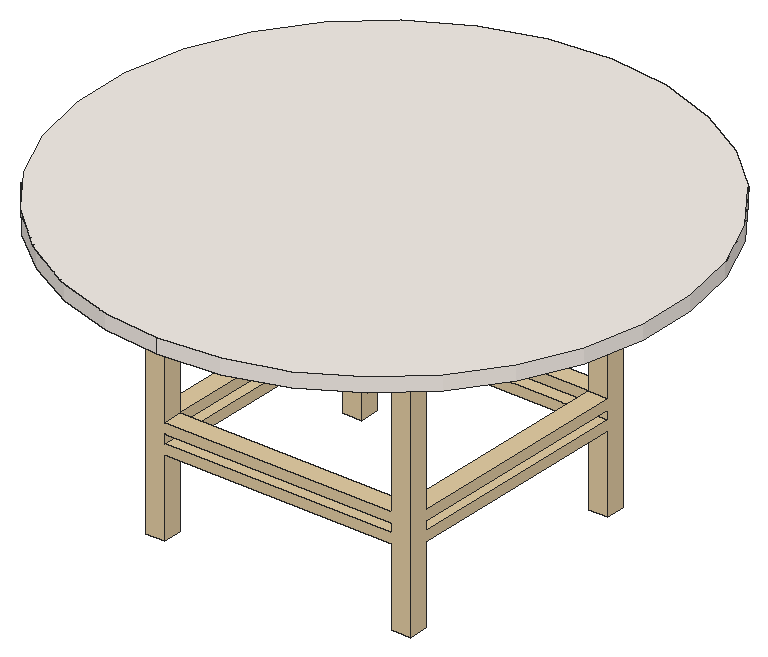
Revit family
Parameters (values of type "1500mm Diameter")
  Keynote = "N"
  Diameter = 1500.00 mm
  Height = 760.00 mm
  Material Base = Wood - Pine
  Material Top = Laminate - Linen,Matte
Types (4, lengths in mm): name | Diameter
  (no name) | 1500.00
  900mm Diameter | 900.00
  1500mm Diameter | 1500.00
  2000mm Diameter | 2000.00
Reference planes
  plane 1 "Center (Front/Back)": y = -184.879
  plane 2: z = 0
  plane 3 "Center (Left/Right)": x = 103.682
  plane 4: y = 565.121
  plane 5: y = -934.879
  plane 6: x = -646.318
  plane 7: x = 853.682
  plane 8: x = -271.318
  plane 9: x = 478.682
  plane 10: y = 190.121
  plane 11: y = -559.879
  plane 12: z = 760
Forms (mm)
  Extrusion 1, solid, material "Wood - Pine" <- "Material Base"
    sketch origin (0, 0, 0) x (1, 0, 0) y (0, 1, 0)
      loop
        line (-271.318, 190.121) -> (-271.318, -559.879) -> (478.682, -559.879) -> (478.682, 190.121) -> (-271.318, 190.121)
      loop
        line (-245.918, 164.721) -> (-245.918, -534.479) -> (453.282, -534.479) -> (453.282, 164.721) -> (-245.918, 164.721)
    from 645.7 to 721.9
  Extrusion 2, solid, material "Wood - Pine" <- "Material Base"
    sketch origin (0, 0, 0) x (1, 0, 0) y (0, 1, 0)
      loop
        line (-245.918, 164.721) -> (-245.918, 113.921) -> (-195.118, 113.921) -> (-195.118, 164.721) -> (-245.918, 164.721)
      loop
        line (453.282, 164.721) -> (402.482, 164.721) -> (402.482, 113.921) -> (453.282, 113.921) -> (453.282, 164.721)
      loop
        line (453.282, -534.479) -> (453.282, -483.679) -> (402.482, -483.679) -> (402.482, -534.479) -> (453.282, -534.479)
      loop
        line (-245.918, -534.479) -> (-195.118, -534.479) -> (-195.118, -483.679) -> (-245.918, -483.679) -> (-245.918, -534.479)
    from 0 to 645.7
  Extrusion 3, solid, material "Wood - Pine" <- "Material Base"
    sketch origin (0, 0, 0) x (1, 0, 0) y (0, 1, 0)
      loop
        line (-245.918, 164.721) -> (-245.918, -534.479) -> (453.282, -534.479) -> (453.282, 164.721) -> (-245.918, 164.721)
      loop
        line (-195.118, 113.921) -> (-195.118, -483.679) -> (402.482, -483.679) -> (402.482, 113.921) -> (-195.118, 113.921)
    from 254 to 279.4
  Extrusion 4, solid, material "Wood - Pine" <- "Material Base"
    sketch origin (0, 0, 0) x (1, 0, 0) y (0, 1, 0)
      loop
        line (-245.918, 164.721) -> (-245.918, -534.479) -> (453.282, -534.479) -> (453.282, 164.721) -> (-245.918, 164.721)
      loop
        line (-195.118, 113.921) -> (-195.118, -483.679) -> (402.482, -483.679) -> (402.482, 113.921) -> (-195.118, 113.921)
    from 203.2 to 228.6
  Extrusion 5, solid, material "Laminate - Linen,Matte" <- "Material Top"
    sketch origin (0, 0, 760) x (0, -1, 0) y (-1, 0, 0)
      loop
        circle (184.879, -103.682) r 750
    from 0 to 38.1
Cuts and joins
  joined: Extrusion 2, Extrusion 3, Extrusion 4
Lines and regions (mm)
  Masking region 1
    outline origin (0, 0, 0) x (1, 0, 0) y (0, 1, 0)
      loop
        circle (103.682, -184.879) r 750
  symbolic lines, style "Furniture"
    curve 1: arc (853.682, -184.879, 0) -> (103.682, 565.121, 0) -> (-646.318, -184.879, 0) r 750
    curve 2: arc (-646.318, -184.879, 0) -> (103.682, -934.879, 0) -> (853.682, -184.879, 0) r 750
Dimensions and locks
  "Diameter": plane 6 to plane 7
  "Diameter": plane 5 to plane 4
  equal spacing: plane 6, plane 8, plane 3 "Center (Left/Right)", plane 9, plane 7
  equal spacing: plane 5, plane 11, plane 1 "Center (Front/Back)", plane 10, plane 4
  locked: Extrusion 1 sketch curve to Extrusion 1 sketch curve at 25.4  (x4)
  "Height": plane 12 to plane 2
  locked: Extrusion 2 sketch curve to Extrusion 2 sketch curve at 50.8  (x5)
  locked: Extrusion 1 to Extrusion 1 at 76.2
  aligned and locked: Extrusion 2 sketch curve to Extrusion 1  (x3)
  aligned and locked: plane 3 "Center (Left/Right)" to Extrusion 5 sketch curve
  aligned and locked: Extrusion 1 to Extrusion 5
  aligned and locked: Extrusion 2 to Extrusion 1
  aligned and locked: Masking region 1 sketch curve to curve 1
  aligned and locked: Masking region 1 sketch curve to curve 2
Automatic sketch dimensions
  curve 1 to plane 1 "Center (Front/Back)" = 0.00 mm
  curve 1 to plane 6 = 0.00 mm
  curve 1 to plane 3 "Center (Left/Right)" = 0.00 mm
  Extrusion 1 sketch curve to plane 8 = 0.00 mm
  Extrusion 1 sketch curve to plane 9 = 0.00 mm
  Extrusion 1 sketch curve to plane 11 = 0.00 mm
  Extrusion 1 sketch curve to plane 10 = 0.00 mm
  Extrusion 2 sketch curve to plane 8 = 25.40 mm  (x2)
  Extrusion 2 sketch curve to Extrusion 2 sketch curve = 50.80 mm  (x3)
  Extrusion 2 sketch curve to plane 11 = 25.40 mm
  plane 9 to Extrusion 2 sketch curve = 25.40 mm  (x2)
  Extrusion 3 sketch curve to plane 8 = 25.40 mm
  Extrusion 3 sketch curve to Extrusion 3 sketch curve = 50.80 mm  (x2)
  plane 9 to Extrusion 3 sketch curve = 76.20 mm
  plane 9 to Extrusion 3 sketch curve = 25.40 mm
  Extrusion 3 sketch curve to plane 11 = 25.40 mm
  Extrusion 3 sketch curve to plane 10 = 76.20 mm
  Extrusion 3 sketch curve to plane 10 = 25.40 mm
  Extrusion 4 sketch curve to plane 8 = 25.40 mm
  Extrusion 4 sketch curve to Extrusion 4 sketch curve = 50.80 mm  (x2)
  plane 9 to Extrusion 4 sketch curve = 76.20 mm
  plane 9 to Extrusion 4 sketch curve = 25.40 mm
  Extrusion 4 sketch curve to plane 11 = 25.40 mm
  Extrusion 4 sketch curve to plane 10 = 76.20 mm
  Extrusion 4 sketch curve to plane 10 = 25.40 mm
  Extrusion 5 sketch curve to plane 4 = 0.00 mm
  Extrusion 5 sketch curve to plane 1 "Center (Front/Back)" = 0.00 mm
